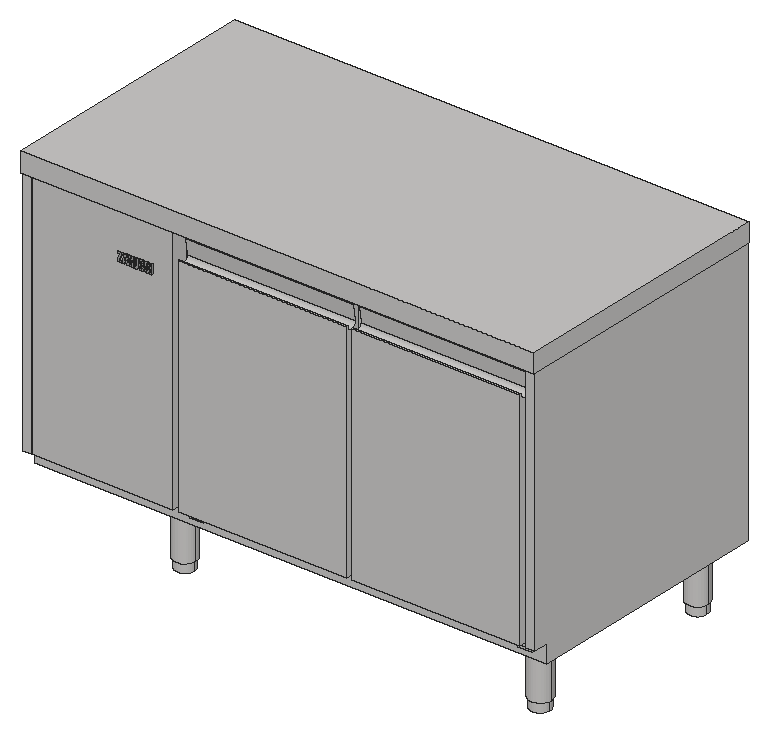
Revit family "QF_ZANUSSI_111021_ZH2HBAA", category Specialty Equipment, Revit 2018 (continued)
Definition of nested family "ZAN_Cooling Unit"
  Lines and regions (mm)
    Split face 130
      outline origin (110.032, 2, -113.091) x (0, 0, 1) y (-1, 0, 0)
        loop
          line (510.649, 116.535) -> (510.649, 158.547)
    Split face 131
      outline origin (110.032, 2, -125.094) x (0, 0, 1) y (-1, 0, 0)
        loop
          arc (510.649, 158.547) -> (506.648, 162.548) -> (502.647, 158.547) r 4.001
          line (502.647, 158.547) -> (502.647, 116.535)
          arc (502.647, 116.535) -> (506.648, 112.533) -> (510.649, 116.535) r 4.001
          line (510.649, 116.535) -> (510.649, 158.547)
    Split face 132
      outline origin (110.032, 2, -137.098) x (0, 0, 1) y (-1, 0, 0)
        loop
          arc (510.649, 158.547) -> (506.648, 162.548) -> (502.647, 158.547) r 4.001
          line (502.647, 158.547) -> (502.647, 116.535)
          arc (502.647, 116.535) -> (506.648, 112.533) -> (510.649, 116.535) r 4.001
          line (510.649, 116.535) -> (510.649, 158.547)
    Split face 133
      outline origin (110.032, 2, -149.101) x (0, 0, 1) y (-1, 0, 0)
        loop
          arc (510.649, 158.547) -> (506.648, 162.548) -> (502.647, 158.547) r 4.001
          line (502.647, 158.547) -> (502.647, 116.535)
          arc (502.647, 116.535) -> (506.648, 112.533) -> (510.649, 116.535) r 4.001
          line (510.649, 116.535) -> (510.649, 158.547)
    Split face 134
      outline origin (110.032, 2, -161.105) x (0, 0, 1) y (-1, 0, 0)
        loop
          arc (510.649, 158.547) -> (506.648, 162.548) -> (502.647, 158.547) r 4.001
          line (502.647, 158.547) -> (502.647, 116.535)
          arc (502.647, 116.535) -> (506.648, 112.533) -> (510.649, 116.535) r 4.001
          line (510.649, 116.535) -> (510.649, 158.547)
    Split face 135
      outline origin (110.032, 2, -173.108) x (0, 0, 1) y (-1, 0, 0)
        loop
          arc (510.649, 158.547) -> (506.648, 162.548) -> (502.647, 158.547) r 4.001
          line (502.647, 158.547) -> (502.647, 116.535)
          arc (502.647, 116.535) -> (506.648, 112.533) -> (510.649, 116.535) r 4.001
          line (510.649, 116.535) -> (510.649, 158.547)
    Split face 136
      outline origin (110.032, 2, -185.112) x (0, 0, 1) y (-1, 0, 0)
        loop
          arc (510.649, 158.547) -> (506.648, 162.548) -> (502.647, 158.547) r 4.001
          line (502.647, 158.547) -> (502.647, 116.535)
          arc (502.647, 116.535) -> (506.648, 112.533) -> (510.649, 116.535) r 4.001
          line (510.649, 116.535) -> (510.649, 158.547)
    Split face 137
      outline origin (110.032, 2, -197.115) x (0, 0, 1) y (-1, 0, 0)
        loop
          arc (510.649, 158.547) -> (506.648, 162.548) -> (502.647, 158.547) r 4.001
          line (502.647, 158.547) -> (502.647, 116.535)
          arc (502.647, 116.535) -> (506.648, 112.533) -> (510.649, 116.535) r 4.001
          line (510.649, 116.535) -> (510.649, 158.547)
    Split face 138
      outline origin (110.032, 2, -209.119) x (0, 0, 1) y (-1, 0, 0)
        loop
          arc (510.649, 158.547) -> (506.648, 162.548) -> (502.647, 158.547) r 4.001
          line (502.647, 158.547) -> (502.647, 116.535)
          arc (502.647, 116.535) -> (506.648, 112.533) -> (510.649, 116.535) r 4.001
          line (510.649, 116.535) -> (510.649, 158.547)
    Split face 139
      outline origin (110.032, 2, -221.122) x (0, 0, 1) y (-1, 0, 0)
        loop
          arc (510.649, 158.547) -> (506.648, 162.548) -> (502.647, 158.547) r 4.001
          line (502.647, 158.547) -> (502.647, 116.535)
          arc (502.647, 116.535) -> (506.648, 112.533) -> (510.649, 116.535) r 4.001
          line (510.649, 116.535) -> (510.649, 158.547)
    Split face 140
      outline origin (110.032, 2, -233.126) x (0, 0, 1) y (-1, 0, 0)
        loop
          arc (510.649, 158.547) -> (506.648, 162.548) -> (502.647, 158.547) r 4.001
          line (502.647, 158.547) -> (502.647, 116.535)
          arc (502.647, 116.535) -> (506.648, 112.533) -> (510.649, 116.535) r 4.001
          line (510.649, 116.535) -> (510.649, 158.547)
    Split face 141
      outline origin (110.032, 2, -245.129) x (0, 0, 1) y (-1, 0, 0)
        loop
          arc (510.649, 158.547) -> (506.648, 162.548) -> (502.647, 158.547) r 4.001
          line (502.647, 158.547) -> (502.647, 116.535)
          arc (502.647, 116.535) -> (506.648, 112.533) -> (510.649, 116.535) r 4.001
          line (510.649, 116.535) -> (510.649, 158.547)
    Split face 142
      outline origin (110.032, 2, -257.133) x (0, 0, 1) y (-1, 0, 0)
        loop
          arc (510.649, 158.547) -> (506.648, 162.548) -> (502.647, 158.547) r 4.001
          line (502.647, 158.547) -> (502.647, 116.535)
          arc (502.647, 116.535) -> (506.648, 112.533) -> (510.649, 116.535) r 4.001
          line (510.649, 116.535) -> (510.649, 158.547)
    Split face 143
      outline origin (110.032, 2, -269.136) x (0, 0, 1) y (-1, 0, 0)
        loop
          arc (510.649, 158.547) -> (506.648, 162.548) -> (502.647, 158.547) r 4.001
          line (502.647, 158.547) -> (502.647, 116.535)
          arc (502.647, 116.535) -> (506.648, 112.533) -> (510.649, 116.535) r 4.001
          line (510.649, 116.535) -> (510.649, 158.547)
    Split face 144
      outline origin (110.032, 2, -281.14) x (0, 0, 1) y (-1, 0, 0)
        loop
          arc (510.649, 158.547) -> (506.648, 162.548) -> (502.647, 158.547) r 4.001
          line (502.647, 158.547) -> (502.647, 116.535)
          arc (502.647, 116.535) -> (506.648, 112.533) -> (510.649, 116.535) r 4.001
          line (510.649, 116.535) -> (510.649, 158.547)
    Split face 145
      outline origin (110.032, 2, -293.144) x (0, 0, 1) y (-1, 0, 0)
        loop
          arc (510.649, 158.547) -> (506.648, 162.548) -> (502.647, 158.547) r 4.001
          line (502.647, 158.547) -> (502.647, 116.535)
          arc (502.647, 116.535) -> (506.648, 112.533) -> (510.649, 116.535) r 4.001
          line (510.649, 116.535) -> (510.649, 158.547)
    Split face 146
      outline origin (165.048, 2, -113.091) x (0, 0, 1) y (-1, 0, 0)
        loop
          arc (510.649, 158.547) -> (506.648, 162.548) -> (502.647, 158.547) r 4.001
          line (502.647, 158.547) -> (502.647, 116.535)
          arc (502.647, 116.535) -> (506.648, 112.533) -> (510.649, 116.535) r 4.001
          line (510.649, 116.535) -> (510.649, 158.547)
    Split face 147
      outline origin (165.048, 2, -125.094) x (0, 0, 1) y (-1, 0, 0)
        loop
          arc (510.649, 158.547) -> (506.648, 162.548) -> (502.647, 158.547) r 4.001
          line (502.647, 158.547) -> (502.647, 116.535)
          arc (502.647, 116.535) -> (506.648, 112.533) -> (510.649, 116.535) r 4.001
          line (510.649, 116.535) -> (510.649, 158.547)
    Split face 148
      outline origin (165.048, 2, -137.098) x (0, 0, 1) y (-1, 0, 0)
        loop
          arc (510.649, 158.547) -> (506.648, 162.548) -> (502.647, 158.547) r 4.001
          line (502.647, 158.547) -> (502.647, 116.535)
          arc (502.647, 116.535) -> (506.648, 112.533) -> (510.649, 116.535) r 4.001
          line (510.649, 116.535) -> (510.649, 158.547)
    Split face 149
      outline origin (165.048, 2, -149.101) x (0, 0, 1) y (-1, 0, 0)
        loop
          arc (510.649, 158.547) -> (506.648, 162.548) -> (502.647, 158.547) r 4.001
          line (502.647, 158.547) -> (502.647, 116.535)
          arc (502.647, 116.535) -> (506.648, 112.533) -> (510.649, 116.535) r 4.001
          line (510.649, 116.535) -> (510.649, 158.547)
    Split face 150
      outline origin (165.048, 2, -161.105) x (0, 0, 1) y (-1, 0, 0)
        loop
          arc (510.649, 158.547) -> (506.648, 162.548) -> (502.647, 158.547) r 4.001
          line (502.647, 158.547) -> (502.647, 116.535)
          arc (502.647, 116.535) -> (506.648, 112.533) -> (510.649, 116.535) r 4.001
          line (510.649, 116.535) -> (510.649, 158.547)
    Split face 151
      outline origin (165.048, 2, -173.108) x (0, 0, 1) y (-1, 0, 0)
        loop
          arc (510.649, 158.547) -> (506.648, 162.548) -> (502.647, 158.547) r 4.001
          line (502.647, 158.547) -> (502.647, 116.535)
          arc (502.647, 116.535) -> (506.648, 112.533) -> (510.649, 116.535) r 4.001
          line (510.649, 116.535) -> (510.649, 158.547)
    Split face 152
      outline origin (165.048, 2, -185.112) x (0, 0, 1) y (-1, 0, 0)
        loop
          arc (510.649, 158.547) -> (506.648, 162.548) -> (502.647, 158.547) r 4.001
          line (502.647, 158.547) -> (502.647, 116.535)
          arc (502.647, 116.535) -> (506.648, 112.533) -> (510.649, 116.535) r 4.001
          line (510.649, 116.535) -> (510.649, 158.547)
    Split face 153
      outline origin (165.048, 2, -197.115) x (0, 0, 1) y (-1, 0, 0)
        loop
          arc (510.649, 158.547) -> (506.648, 162.548) -> (502.647, 158.547) r 4.001
          line (502.647, 158.547) -> (502.647, 116.535)
          arc (502.647, 116.535) -> (506.648, 112.533) -> (510.649, 116.535) r 4.001
          line (510.649, 116.535) -> (510.649, 158.547)
    Split face 154
      outline origin (165.048, 2, -209.119) x (0, 0, 1) y (-1, 0, 0)
        loop
          arc (510.649, 158.547) -> (506.648, 162.548) -> (502.647, 158.547) r 4.001
          line (502.647, 158.547) -> (502.647, 116.535)
          arc (502.647, 116.535) -> (506.648, 112.533) -> (510.649, 116.535) r 4.001
          line (510.649, 116.535) -> (510.649, 158.547)
    Split face 155
      outline origin (165.048, 2, -221.122) x (0, 0, 1) y (-1, 0, 0)
        loop
          arc (510.649, 158.547) -> (506.648, 162.548) -> (502.647, 158.547) r 4.001
          line (502.647, 158.547) -> (502.647, 116.535)
          arc (502.647, 116.535) -> (506.648, 112.533) -> (510.649, 116.535) r 4.001
          line (510.649, 116.535) -> (510.649, 158.547)
    Split face 156
      outline origin (165.048, 2, -233.126) x (0, 0, 1) y (-1, 0, 0)
        loop
          arc (510.649, 158.547) -> (506.648, 162.548) -> (502.647, 158.547) r 4.001
          line (502.647, 158.547) -> (502.647, 116.535)
          arc (502.647, 116.535) -> (506.648, 112.533) -> (510.649, 116.535) r 4.001
          line (510.649, 116.535) -> (510.649, 158.547)
    Split face 157
      outline origin (165.048, 2, -245.129) x (0, 0, 1) y (-1, 0, 0)
        loop
          arc (510.649, 158.547) -> (506.648, 162.548) -> (502.647, 158.547) r 4.001
          line (502.647, 158.547) -> (502.647, 116.535)
          arc (502.647, 116.535) -> (506.648, 112.533) -> (510.649, 116.535) r 4.001
          line (510.649, 116.535) -> (510.649, 158.547)
    Split face 158
      outline origin (165.048, 2, -257.133) x (0, 0, 1) y (-1, 0, 0)
        loop
          arc (510.649, 158.547) -> (506.648, 162.548) -> (502.647, 158.547) r 4.001
          line (502.647, 158.547) -> (502.647, 116.535)
          arc (502.647, 116.535) -> (506.648, 112.533) -> (510.649, 116.535) r 4.001
          line (510.649, 116.535) -> (510.649, 158.547)
    Split face 159
      outline origin (165.048, 2, -269.136) x (0, 0, 1) y (-1, 0, 0)
        loop
          arc (510.649, 158.547) -> (506.648, 162.548) -> (502.647, 158.547) r 4.001
          line (502.647, 158.547) -> (502.647, 116.535)
          arc (502.647, 116.535) -> (506.648, 112.533) -> (510.649, 116.535) r 4.001
          line (510.649, 116.535) -> (510.649, 158.547)
    Split face 160
      outline origin (165.048, 2, -281.14) x (0, 0, 1) y (-1, 0, 0)
        loop
          arc (510.649, 158.547) -> (506.648, 162.548) -> (502.647, 158.547) r 4.001
          line (502.647, 158.547) -> (502.647, 116.535)
          arc (502.647, 116.535) -> (506.648, 112.533) -> (510.649, 116.535) r 4.001
          line (510.649, 116.535) -> (510.649, 158.547)
    Split face 161
      outline origin (165.048, 2, -293.144) x (0, 0, 1) y (-1, 0, 0)
        loop
          arc (510.649, 158.547) -> (506.648, 162.548) -> (502.647, 158.547) r 4.001
          line (502.647, 158.547) -> (502.647, 116.535)
          arc (502.647, 116.535) -> (506.648, 112.533) -> (510.649, 116.535) r 4.001
          line (510.649, 116.535) -> (510.649, 158.547)
    Split face 162
      outline origin (220.064, 2, -113.091) x (0, 0, 1) y (-1, 0, 0)
        loop
          arc (510.649, 158.547) -> (506.648, 162.548) -> (502.647, 158.547) r 4.001
          line (502.647, 158.547) -> (502.647, 116.535)
          arc (502.647, 116.535) -> (506.648, 112.533) -> (510.649, 116.535) r 4.001
          line (510.649, 116.535) -> (510.649, 158.547)
    Split face 163
      outline origin (220.064, 2, -125.094) x (0, 0, 1) y (-1, 0, 0)
        loop
          arc (510.649, 158.547) -> (506.648, 162.548) -> (502.647, 158.547) r 4.001
          line (502.647, 158.547) -> (502.647, 116.535)
          arc (502.647, 116.535) -> (506.648, 112.533) -> (510.649, 116.535) r 4.001
          line (510.649, 116.535) -> (510.649, 158.547)
    Split face 164
      outline origin (220.064, 2, -137.098) x (0, 0, 1) y (-1, 0, 0)
        loop
          arc (510.649, 158.547) -> (506.648, 162.548) -> (502.647, 158.547) r 4.001
          line (502.647, 158.547) -> (502.647, 116.535)
          arc (502.647, 116.535) -> (506.648, 112.533) -> (510.649, 116.535) r 4.001
          line (510.649, 116.535) -> (510.649, 158.547)
    Split face 165
      outline origin (220.064, 2, -149.101) x (0, 0, 1) y (-1, 0, 0)
        loop
          arc (510.649, 158.547) -> (506.648, 162.548) -> (502.647, 158.547) r 4.001
          line (502.647, 158.547) -> (502.647, 116.535)
          arc (502.647, 116.535) -> (506.648, 112.533) -> (510.649, 116.535) r 4.001
          line (510.649, 116.535) -> (510.649, 158.547)
    Split face 166
      outline origin (220.064, 2, -161.105) x (0, 0, 1) y (-1, 0, 0)
        loop
          arc (510.649, 158.547) -> (506.648, 162.548) -> (502.647, 158.547) r 4.001
          line (502.647, 158.547) -> (502.647, 116.535)
          arc (502.647, 116.535) -> (506.648, 112.533) -> (510.649, 116.535) r 4.001
          line (510.649, 116.535) -> (510.649, 158.547)
    Split face 167
      outline origin (220.064, 2, -173.108) x (0, 0, 1) y (-1, 0, 0)
        loop
          arc (510.649, 158.547) -> (506.648, 162.548) -> (502.647, 158.547) r 4.001
          line (502.647, 158.547) -> (502.647, 116.535)
          arc (502.647, 116.535) -> (506.648, 112.533) -> (510.649, 116.535) r 4.001
          line (510.649, 116.535) -> (510.649, 158.547)
    Split face 168
      outline origin (220.064, 2, -185.112) x (0, 0, 1) y (-1, 0, 0)
        loop
          arc (510.649, 158.547) -> (506.648, 162.548) -> (502.647, 158.547) r 4.001
          line (502.647, 158.547) -> (502.647, 116.535)
          arc (502.647, 116.535) -> (506.648, 112.533) -> (510.649, 116.535) r 4.001
          line (510.649, 116.535) -> (510.649, 158.547)
    Split face 169
      outline origin (220.064, 2, -197.115) x (0, 0, 1) y (-1, 0, 0)
        loop
          arc (510.649, 158.547) -> (506.648, 162.548) -> (502.647, 158.547) r 4.001
          line (502.647, 158.547) -> (502.647, 116.535)
          arc (502.647, 116.535) -> (506.648, 112.533) -> (510.649, 116.535) r 4.001
          line (510.649, 116.535) -> (510.649, 158.547)
    Split face 170
      outline origin (220.064, 2, -209.119) x (0, 0, 1) y (-1, 0, 0)
        loop
          arc (510.649, 158.547) -> (506.648, 162.548) -> (502.647, 158.547) r 4.001
          line (502.647, 158.547) -> (502.647, 116.535)
          arc (502.647, 116.535) -> (506.648, 112.533) -> (510.649, 116.535) r 4.001
          line (510.649, 116.535) -> (510.649, 158.547)
    Split face 171
      outline origin (220.064, 2, -221.122) x (0, 0, 1) y (-1, 0, 0)
        loop
          arc (510.649, 158.547) -> (506.648, 162.548) -> (502.647, 158.547) r 4.001
          line (502.647, 158.547) -> (502.647, 116.535)
          arc (502.647, 116.535) -> (506.648, 112.533) -> (510.649, 116.535) r 4.001
          line (510.649, 116.535) -> (510.649, 158.547)
    Split face 172
      outline origin (220.064, 2, -233.126) x (0, 0, 1) y (-1, 0, 0)
        loop
          arc (510.649, 158.547) -> (506.648, 162.548) -> (502.647, 158.547) r 4.001
          line (502.647, 158.547) -> (502.647, 116.535)
          arc (502.647, 116.535) -> (506.648, 112.533) -> (510.649, 116.535) r 4.001
          line (510.649, 116.535) -> (510.649, 158.547)
    Split face 173
      outline origin (220.064, 2, -245.129) x (0, 0, 1) y (-1, 0, 0)
        loop
          arc (510.649, 158.547) -> (506.648, 162.548) -> (502.647, 158.547) r 4.001
          line (502.647, 158.547) -> (502.647, 116.535)
          arc (502.647, 116.535) -> (506.648, 112.533) -> (510.649, 116.535) r 4.001
          line (510.649, 116.535) -> (510.649, 158.547)
    Split face 174
      outline origin (220.064, 2, -257.133) x (0, 0, 1) y (-1, 0, 0)
        loop
          arc (510.649, 158.547) -> (506.648, 162.548) -> (502.647, 158.547) r 4.001
          line (502.647, 158.547) -> (502.647, 116.535)
          arc (502.647, 116.535) -> (506.648, 112.533) -> (510.649, 116.535) r 4.001
          line (510.649, 116.535) -> (510.649, 158.547)
    Split face 175
      outline origin (220.064, 2, -269.136) x (0, 0, 1) y (-1, 0, 0)
        loop
          arc (510.649, 158.547) -> (506.648, 162.548) -> (502.647, 158.547) r 4.001
          line (502.647, 158.547) -> (502.647, 116.535)
          arc (502.647, 116.535) -> (506.648, 112.533) -> (510.649, 116.535) r 4.001
          line (510.649, 116.535) -> (510.649, 158.547)
    Split face 176
      outline origin (220.064, 2, -281.14) x (0, 0, 1) y (-1, 0, 0)
        loop
          arc (510.649, 158.547) -> (506.648, 162.548) -> (502.647, 158.547) r 4.001
          line (502.647, 158.547) -> (502.647, 116.535)
          arc (502.647, 116.535) -> (506.648, 112.533) -> (510.649, 116.535) r 4.001
          line (510.649, 116.535) -> (510.649, 158.547)
    Split face 177
      outline origin (220.064, 2, -293.144) x (0, 0, 1) y (-1, 0, 0)
        loop
          arc (510.649, 158.547) -> (506.648, 162.548) -> (502.647, 158.547) r 4.001
          line (502.647, 158.547) -> (502.647, 116.535)
          arc (502.647, 116.535) -> (506.648, 112.533) -> (510.649, 116.535) r 4.001
          line (510.649, 116.535) -> (510.649, 158.547)
    Split face 178
      outline origin (275.081, 2, -113.091) x (0, 0, 1) y (-1, 0, 0)
        loop
          arc (510.649, 158.547) -> (506.648, 162.548) -> (502.647, 158.547) r 4.001
          line (502.647, 158.547) -> (502.647, 116.535)
          arc (502.647, 116.535) -> (506.648, 112.533) -> (510.649, 116.535) r 4.001
          line (510.649, 116.535) -> (510.649, 158.547)
    Split face 179
      outline origin (275.081, 2, -125.094) x (0, 0, 1) y (-1, 0, 0)
        loop
          arc (510.649, 158.547) -> (506.648, 162.548) -> (502.647, 158.547) r 4.001
          line (502.647, 158.547) -> (502.647, 116.535)
          arc (502.647, 116.535) -> (506.648, 112.533) -> (510.649, 116.535) r 4.001
          line (510.649, 116.535) -> (510.649, 158.547)
    Split face 180
      outline origin (275.081, 2, -137.098) x (0, 0, 1) y (-1, 0, 0)
        loop
          arc (510.649, 158.547) -> (506.648, 162.548) -> (502.647, 158.547) r 4.001
          line (502.647, 158.547) -> (502.647, 116.535)
          arc (502.647, 116.535) -> (506.648, 112.533) -> (510.649, 116.535) r 4.001
          line (510.649, 116.535) -> (510.649, 158.547)
    Split face 181
      outline origin (275.081, 2, -149.101) x (0, 0, 1) y (-1, 0, 0)
        loop
          arc (510.649, 158.547) -> (506.648, 162.548) -> (502.647, 158.547) r 4.001
          line (502.647, 158.547) -> (502.647, 116.535)
          arc (502.647, 116.535) -> (506.648, 112.533) -> (510.649, 116.535) r 4.001
          line (510.649, 116.535) -> (510.649, 158.547)
    Split face 182
      outline origin (275.081, 2, -161.105) x (0, 0, 1) y (-1, 0, 0)
        loop
          arc (510.649, 158.547) -> (506.648, 162.548) -> (502.647, 158.547) r 4.001
          line (502.647, 158.547) -> (502.647, 116.535)
          arc (502.647, 116.535) -> (506.648, 112.533) -> (510.649, 116.535) r 4.001
          line (510.649, 116.535) -> (510.649, 158.547)
    Split face 183
      outline origin (275.081, 2, -173.108) x (0, 0, 1) y (-1, 0, 0)
        loop
          arc (510.649, 158.547) -> (506.648, 162.548) -> (502.647, 158.547) r 4.001
          line (502.647, 158.547) -> (502.647, 116.535)
          arc (502.647, 116.535) -> (506.648, 112.533) -> (510.649, 116.535) r 4.001
          line (510.649, 116.535) -> (510.649, 158.547)
    Split face 184
      outline origin (275.081, 2, -185.112) x (0, 0, 1) y (-1, 0, 0)
        loop
          arc (510.649, 158.547) -> (506.648, 162.548) -> (502.647, 158.547) r 4.001
          line (502.647, 158.547) -> (502.647, 116.535)
          arc (502.647, 116.535) -> (506.648, 112.533) -> (510.649, 116.535) r 4.001
          line (510.649, 116.535) -> (510.649, 158.547)
    Split face 185
      outline origin (275.081, 2, -197.115) x (0, 0, 1) y (-1, 0, 0)
        loop
          arc (510.649, 158.547) -> (506.648, 162.548) -> (502.647, 158.547) r 4.001
          line (502.647, 158.547) -> (502.647, 116.535)
          arc (502.647, 116.535) -> (506.648, 112.533) -> (510.649, 116.535) r 4.001
          line (510.649, 116.535) -> (510.649, 158.547)
    Split face 186
      outline origin (275.081, 2, -209.119) x (0, 0, 1) y (-1, 0, 0)
        loop
          arc (510.649, 158.547) -> (506.648, 162.548) -> (502.647, 158.547) r 4.001
          line (502.647, 158.547) -> (502.647, 116.535)
          arc (502.647, 116.535) -> (506.648, 112.533) -> (510.649, 116.535) r 4.001
          line (510.649, 116.535) -> (510.649, 158.547)
    Split face 187
      outline origin (275.081, 2, -221.122) x (0, 0, 1) y (-1, 0, 0)
        loop
          arc (510.649, 158.547) -> (506.648, 162.548) -> (502.647, 158.547) r 4.001
          line (502.647, 158.547) -> (502.647, 116.535)
          arc (502.647, 116.535) -> (506.648, 112.533) -> (510.649, 116.535) r 4.001
          line (510.649, 116.535) -> (510.649, 158.547)
    Split face 188
      outline origin (275.081, 2, -233.126) x (0, 0, 1) y (-1, 0, 0)
        loop
          arc (510.649, 158.547) -> (506.648, 162.548) -> (502.647, 158.547) r 4.001
          line (502.647, 158.547) -> (502.647, 116.535)
          arc (502.647, 116.535) -> (506.648, 112.533) -> (510.649, 116.535) r 4.001
          line (510.649, 116.535) -> (510.649, 158.547)
    Split face 189
      outline origin (275.081, 2, -245.129) x (0, 0, 1) y (-1, 0, 0)
        loop
          arc (510.649, 158.547) -> (506.648, 162.548) -> (502.647, 158.547) r 4.001
          line (502.647, 158.547) -> (502.647, 116.535)
          arc (502.647, 116.535) -> (506.648, 112.533) -> (510.649, 116.535) r 4.001
          line (510.649, 116.535) -> (510.649, 158.547)
    Split face 190
      outline origin (275.081, 2, -257.133) x (0, 0, 1) y (-1, 0, 0)
        loop
          arc (510.649, 158.547) -> (506.648, 162.548) -> (502.647, 158.547) r 4.001
          line (502.647, 158.547) -> (502.647, 116.535)
          arc (502.647, 116.535) -> (506.648, 112.533) -> (510.649, 116.535) r 4.001
          line (510.649, 116.535) -> (510.649, 158.547)
    Split face 191
      outline origin (275.081, 2, -269.136) x (0, 0, 1) y (-1, 0, 0)
        loop
          arc (510.649, 158.547) -> (506.648, 162.548) -> (502.647, 158.547) r 4.001
          line (502.647, 158.547) -> (502.647, 116.535)
          arc (502.647, 116.535) -> (506.648, 112.533) -> (510.649, 116.535) r 4.001
          line (510.649, 116.535) -> (510.649, 158.547)
    Split face 192
      outline origin (275.081, 2, -281.14) x (0, 0, 1) y (-1, 0, 0)
        loop
          arc (510.649, 158.547) -> (506.648, 162.548) -> (502.647, 158.547) r 4.001
          line (502.647, 158.547) -> (502.647, 116.535)
          arc (502.647, 116.535) -> (506.648, 112.533) -> (510.649, 116.535) r 4.001
          line (510.649, 116.535) -> (510.649, 158.547)
    Split face 193
      outline origin (275.081, 2, -293.144) x (0, 0, 1) y (-1, 0, 0)
        loop
          arc (510.649, 158.547) -> (506.648, 162.548) -> (502.647, 158.547) r 4.001
          line (502.647, 158.547) -> (502.647, 116.535)
          arc (502.647, 116.535) -> (506.648, 112.533) -> (510.649, 116.535) r 4.001
          line (510.649, 116.535) -> (510.649, 158.547)
    Split face 194
      outline origin (0, 2, 197) x (0, 0, 1) y (-1, 0, 0)
        loop
          spline (566.835, 20.381) -> (564.628, 19.058) -> (561.987, 18.027) -> (558.955, 17.386) -> (555.581, 17.244) -> (551.912, 17.703) -> (547.993, 18.863) -> (543.871, 20.83) -> (539.591, 23.706) -> (535.202, 27.594) -> (530.748, 32.597) -> (526.28, 38.824) -> (521.835, 46.362)
        loop
          spline (521.835, 58.392) -> (525.386, 49.242) -> (529.197, 41.481) -> (533.2, 35.023) -> (537.329, 29.786) -> (541.516, 25.684) -> (545.695, 22.634) -> (549.798, 20.552) -> (553.759, 19.355) -> (557.511, 18.958) -> (560.984, 19.275) -> (564.115, 20.227) -> (566.835, 21.726)
    Split face 195
      outline origin (0, 2, 197) x (0, 0, 1) y (-1, 0, 0)
        loop
          line (555.835, 149.5) -> (532.835, 149.5) -> (532.835, 94.5) -> (555.835, 94.5) -> (555.835, 149.5)
  Dimensions and locks
    aligned and locked: level to plane 2
  Nested families
    nested 1: "ZAN_Logo_S_Grey" at (85, 2, 741.213) x (1, 0, 0) z (0, -1, 0), visible <- "Show Logo", type "ZAN_Logo_S_Grey"
  Definition of nested family "ZAN_Logo_S_Grey"
    Parameters
      Default Elevation = 0 mm
    Reference planes
      plane 1 "Centro (Fronte/Retro)": y = 0
      plane 2: z = 0
      plane 3 "Centro (Sinistra/Destra)": x = 0
    Forms (mm)
      Extrusion 1, solid
        sketch origin (0, 0, 0) x (1, 0, 0) y (0, 1, 0)
          loop
            line (-1219.2, 1219.2) -> (-1219.2, -1219.2) -> (1219.2, -1219.2) -> (1219.2, 1219.2) -> (-1219.2, 1219.2)
        from 0 to -304.8
      Extrusion 2, solid
        sketch origin (17.793, -46.218, 0) x (-1, 0, 0) y (0, -1, 0)
          loop
            spline (-4.176, -58.079) -> (-3.496, -58.328) -> (-2.793, -58.512) -> (-2.075, -58.63) -> (-1.348, -58.682) -> (-0.619, -58.669) -> (0.106, -58.588) -> (0.818, -58.44) -> (1.512, -58.225) -> (2.18, -57.941) -> (2.817, -57.589) -> (3.414, -57.167) -> (3.966, -56.676)
            spline (3.966, -56.676) -> (4.293, -56.162) -> (4.575, -55.61) -> (4.81, -55.026) -> (5, -54.419) -> (5.146, -53.797) -> (5.247, -53.166) -> (5.304, -52.536) -> (5.318, -51.913) -> (5.288, -51.306) -> (5.217, -50.723) -> (5.103, -50.17) -> (4.949, -49.657)
            line (4.949, -49.657) -> (2.702, -46.428) -> (0.316, -44.323)
            spline (0.316, -44.323) -> (0.065, -44.115) -> (-0.195, -43.909) -> (-0.46, -43.704) -> (-0.729, -43.496) -> (-0.997, -43.282) -> (-1.263, -43.059) -> (-1.523, -42.825) -> (-1.774, -42.576) -> (-2.013, -42.309) -> (-2.238, -42.022) -> (-2.445, -41.712) -> (-2.632, -41.375)
            spline (-2.632, -41.375) -> (-2.666, -41.159) -> (-2.697, -40.934) -> (-2.722, -40.701) -> (-2.736, -40.465) -> (-2.736, -40.227) -> (-2.72, -39.989) -> (-2.682, -39.754) -> (-2.621, -39.524) -> (-2.533, -39.302) -> (-2.414, -39.091) -> (-2.261, -38.892) -> (-2.07, -38.708)
            line (-2.07, -38.708) -> (-0.245, -38.567)
            spline (-0.245, -38.567) -> (0.096, -38.8) -> (0.354, -39.074) -> (0.54, -39.381) -> (0.664, -39.716) -> (0.738, -40.073) -> (0.772, -40.445) -> (0.777, -40.825) -> (0.763, -41.208) -> (0.742, -41.588) -> (0.723, -41.957) -> (0.718, -42.309) -> (0.737, -42.638)
            line (0.737, -42.638) -> (5.65, -42.638)
            spline (5.65, -42.638) -> (5.708, -42.042) -> (5.741, -41.448) -> (5.747, -40.857) -> (5.723, -40.273) -> (5.668, -39.696) -> (5.58, -39.129) -> (5.457, -38.574) -> (5.297, -38.032) -> (5.098, -37.506) -> (4.857, -36.997) -> (4.574, -36.508) -> (4.247, -36.041)
            spline (4.247, -36.041) -> (3.844, -35.675) -> (3.409, -35.35) -> (2.946, -35.065) -> (2.458, -34.819) -> (1.949, -34.612) -> (1.421, -34.444) -> (0.88, -34.314) -> (0.326, -34.221) -> (-0.234, -34.165) -> (-0.8, -34.146) -> (-1.366, -34.163) -> (-1.93, -34.216)
            spline (-1.93, -34.216) -> (-2.526, -34.309) -> (-3.116, -34.448) -> (-3.695, -34.633) -> (-4.259, -34.861) -> (-4.801, -35.131) -> (-5.316, -35.444) -> (-5.799, -35.798) -> (-6.245, -36.191) -> (-6.648, -36.624) -> (-7.002, -37.095) -> (-7.303, -37.603) -> (-7.545, -38.146)
            spline (-7.545, -38.146) -> (-7.694, -38.815) -> (-7.792, -39.487) -> (-7.839, -40.158) -> (-7.836, -40.824) -> (-7.785, -41.482) -> (-7.685, -42.129) -> (-7.539, -42.762) -> (-7.347, -43.377) -> (-7.111, -43.97) -> (-6.83, -44.538) -> (-6.506, -45.078) -> (-6.141, -45.586)
            line (-6.141, -45.586) -> (-0.526, -50.64) -> (0.176, -51.482)
            spline (0.176, -51.482) -> (0.248, -51.66) -> (0.323, -51.843) -> (0.397, -52.03) -> (0.467, -52.22) -> (0.529, -52.412) -> (0.579, -52.605) -> (0.615, -52.798) -> (0.633, -52.989) -> (0.63, -53.179) -> (0.601, -53.366) -> (0.545, -53.55) -> (0.456, -53.728)
            spline (0.456, -53.728) -> (0.375, -53.892) -> (0.273, -54.034) -> (0.154, -54.155) -> (0.02, -54.258) -> (-0.126, -54.343) -> (-0.28, -54.412) -> (-0.441, -54.466) -> (-0.604, -54.508) -> (-0.767, -54.537) -> (-0.928, -54.556) -> (-1.082, -54.567) -> (-1.228, -54.57)
            line (-1.228, -54.57) -> (-2.632, -53.587) -> (-2.772, -50.64) -> (-7.405, -50.64)
            spline (-7.405, -50.64) -> (-7.41, -51.031) -> (-7.423, -51.432) -> (-7.44, -51.839) -> (-7.456, -52.251) -> (-7.469, -52.665) -> (-7.475, -53.079) -> (-7.468, -53.489) -> (-7.446, -53.894) -> (-7.404, -54.291) -> (-7.339, -54.679) -> (-7.247, -55.053) -> (-7.123, -55.412)
            spline (-7.123, -55.412) -> (-6.999, -55.693) -> (-6.837, -55.97) -> (-6.643, -56.244) -> (-6.422, -56.509) -> (-6.177, -56.765) -> (-5.913, -57.009) -> (-5.634, -57.238) -> (-5.346, -57.45) -> (-5.051, -57.643) -> (-4.755, -57.814) -> (-4.462, -57.96) -> (-4.176, -58.079)
          loop
            spline (-21.021, -55.552) -> (-20.633, -56.181) -> (-20.177, -56.736) -> (-19.661, -57.217) -> (-19.092, -57.627) -> (-18.478, -57.966) -> (-17.827, -58.237) -> (-17.147, -58.441) -> (-16.446, -58.578) -> (-15.73, -58.652) -> (-15.009, -58.662) -> (-14.29, -58.611) -> (-13.581, -58.5)
            spline (-13.581, -58.5) -> (-13.088, -58.407) -> (-12.595, -58.269) -> (-12.109, -58.088) -> (-11.636, -57.866) -> (-11.183, -57.605) -> (-10.756, -57.307) -> (-10.361, -56.974) -> (-10.004, -56.608) -> (-9.692, -56.211) -> (-9.431, -55.784) -> (-9.228, -55.33) -> (-9.089, -54.851)
            spline (-9.089, -54.851) -> (-8.873, -54.211) -> (-8.715, -53.559) -> (-8.615, -52.901) -> (-8.574, -52.241) -> (-8.592, -51.585) -> (-8.668, -50.938) -> (-8.802, -50.306) -> (-8.995, -49.693) -> (-9.247, -49.106) -> (-9.557, -48.55) -> (-9.925, -48.03) -> (-10.352, -47.551)
            line (-10.352, -47.551) -> (-15.546, -42.919) -> (-16.669, -41.234)
            spline (-16.669, -41.234) -> (-16.704, -41.021) -> (-16.735, -40.804) -> (-16.761, -40.583) -> (-16.778, -40.361) -> (-16.784, -40.139) -> (-16.774, -39.919) -> (-16.748, -39.701) -> (-16.7, -39.488) -> (-16.63, -39.28) -> (-16.533, -39.08) -> (-16.406, -38.889) -> (-16.248, -38.708)
            line (-16.248, -38.708) -> (-14.844, -38.427)
            spline (-14.844, -38.427) -> (-14.347, -38.545) -> (-13.969, -38.749) -> (-13.695, -39.028) -> (-13.508, -39.368) -> (-13.393, -39.757) -> (-13.335, -40.182) -> (-13.318, -40.63) -> (-13.326, -41.089) -> (-13.344, -41.546) -> (-13.356, -41.988) -> (-13.347, -42.403) -> (-13.3, -42.779)
            line (-13.3, -42.779) -> (-8.387, -42.638)
            spline (-8.387, -42.638) -> (-8.326, -42.034) -> (-8.288, -41.417) -> (-8.277, -40.794) -> (-8.299, -40.169) -> (-8.357, -39.548) -> (-8.457, -38.936) -> (-8.604, -38.339) -> (-8.803, -37.762) -> (-9.058, -37.21) -> (-9.375, -36.689) -> (-9.758, -36.204) -> (-10.212, -35.76)
            spline (-10.212, -35.76) -> (-10.793, -35.336) -> (-11.409, -34.976) -> (-12.054, -34.679) -> (-12.723, -34.445) -> (-13.409, -34.273) -> (-14.107, -34.163) -> (-14.811, -34.115) -> (-15.515, -34.127) -> (-16.213, -34.2) -> (-16.899, -34.333) -> (-17.568, -34.526) -> (-18.213, -34.777)
            spline (-18.213, -34.777) -> (-18.496, -34.897) -> (-18.783, -35.044) -> (-19.071, -35.216) -> (-19.357, -35.412) -> (-19.639, -35.629) -> (-19.915, -35.865) -> (-20.182, -36.119) -> (-20.438, -36.389) -> (-20.681, -36.672) -> (-20.907, -36.967) -> (-21.115, -37.272) -> (-21.301, -37.585)
            spline (-21.301, -37.585) -> (-21.55, -38.26) -> (-21.734, -38.948) -> (-21.854, -39.647) -> (-21.91, -40.351) -> (-21.901, -41.057) -> (-21.828, -41.761) -> (-21.69, -42.459) -> (-21.489, -43.148) -> (-21.222, -43.823) -> (-20.892, -44.48) -> (-20.497, -45.116) -> (-20.038, -45.726)
            line (-20.038, -45.726) -> (-14.142, -51.061) -> (-13.44, -52.886) -> (-14.002, -54.289) -> (-15.265, -54.57) -> (-16.669, -53.587) -> (-16.81, -50.78) -> (-21.582, -50.64)
            spline (-21.582, -50.64) -> (-21.558, -51.063) -> (-21.55, -51.491) -> (-21.554, -51.92) -> (-21.561, -52.35) -> (-21.567, -52.778) -> (-21.565, -53.201) -> (-21.547, -53.619) -> (-21.509, -54.029) -> (-21.444, -54.43) -> (-21.345, -54.818) -> (-21.206, -55.193) -> (-21.021, -55.552)
          loop
            line (-22.424, -34.216) -> (-27.337, -34.216) -> (-27.337, -58.22) -> (-22.424, -58.22) -> (-22.424, -34.216)
          loop
            line (14.213, -39.971) -> (14.213, -58.22) -> (19.126, -58.22) -> (19.126, -42.077) -> (18.845, -38.146) -> (18.424, -37.164) -> (17.442, -35.9) -> (16.459, -35.199) -> (14.494, -34.356) -> (13.511, -34.216) -> (11.265, -34.216) -> (10.142, -34.497) -> (8.458, -35.479) -> (6.493, -38.287) -> (6.352, -39.269) -> (6.352, -58.22) -> (11.265, -58.22) -> (11.265, -40.392) -> (11.827, -39.129) -> (13.371, -38.988) -> (14.213, -39.971)
          loop
            line (20.249, -58.22) -> (24.741, -58.22) -> (24.741, -42.919) -> (28.812, -58.22) -> (34.006, -58.22) -> (34.006, -34.216) -> (29.654, -34.216) -> (29.654, -50.078) -> (25.583, -34.216) -> (20.249, -34.216) -> (20.249, -58.22)
          loop
            line (50.149, -58.22) -> (62.361, -58.22) -> (62.361, -53.728) -> (55.904, -53.868) -> (62.923, -39.129) -> (62.923, -34.216) -> (50.149, -34.216) -> (50.149, -39.129) -> (57.517, -39.129) -> (50.149, -54.149) -> (50.149, -58.22)
          loop
            line (38.778, -58.22) -> (45.516, -58.22) -> (49.868, -34.216) -> (44.814, -34.216) -> (44.113, -38.848) -> (40.042, -38.848) -> (39.34, -34.216) -> (34.286, -34.216) -> (38.778, -58.22)
          loop
            line (43.551, -43.2) -> (40.744, -43.2) -> (42.147, -54.117) -> (43.551, -43.2)
        from 0 to 1.644
    Dimensions and locks
      aligned and locked: plane 2 to Extrusion 1
      aligned and locked: level to Extrusion 1
Definition of nested family "Refrigerator"
  Reference planes
    plane 1 "Center (Front/Back)": y = 0
    plane 2: z = 0
    plane 3 "Center (Left/Right)": x = 0
  Lines and regions (mm)
    detail lines, in view "Ref. Level"
      curve 1: spline (-500, 190, 0) -> (-493.185, 166.706, 0) -> (-473.205, 145, 0) -> (-441.421, 126.36, 0) -> (-400, 112.058, 0) -> (-351.764, 103.067, 0) -> (-300, 100, 0) -> (-248.236, 103.067, 0) -> (-200, 112.058, 0) -> (-158.579, 126.36, 0) -> (-126.795, 145, 0) -> (-106.815, 166.706, 0) -> (-100, 190, 0) -> (-106.815, 213.294, 0) -> (-126.795, 235, 0) -> (-158.579, 253.64, 0) -> (-200, 267.942, 0) -> (-248.236, 276.933, 0) -> (-300, 280, 0) -> (-351.764, 276.933, 0) -> (-400, 267.942, 0) -> (-441.421, 253.64, 0) -> (-473.205, 235, 0) -> (-493.185, 213.294, 0) -> (-500, 190, 0)
      curve 2: line (-300, 130, 0) -> (-300, 250, 0)
      curve 3: line (-351.962, 220, 0) -> (-248.038, 160, 0)
      curve 4: line (-351.962, 160, 0) -> (-248.038, 220, 0)
      curve 5: line (-280.884, 246.873, 0) -> (-300, 225, 0)
      curve 6: line (-300, 225, 0) -> (-319.116, 246.873, 0)
      curve 7: line (-330.311, 207.5, 0) -> (-339.696, 234.992, 0)
      curve 8: line (-358.812, 201.882, 0) -> (-330.311, 207.5, 0)
      curve 9: line (-330.311, 172.5, 0) -> (-358.812, 178.118, 0)
      curve 10: line (-339.696, 145.008, 0) -> (-330.311, 172.5, 0)
      curve 11: line (-300, 155, 0) -> (-319.116, 133.127, 0)
      curve 12: line (-280.884, 133.127, 0) -> (-300, 155, 0)
      curve 13: line (-269.689, 172.5, 0) -> (-260.304, 145.008, 0)
      curve 14: line (-241.188, 178.118, 0) -> (-269.689, 172.5, 0)
      curve 15: line (-269.689, 207.5, 0) -> (-241.188, 201.882, 0)
      curve 16: line (-260.304, 234.992, 0) -> (-269.689, 207.5, 0)
